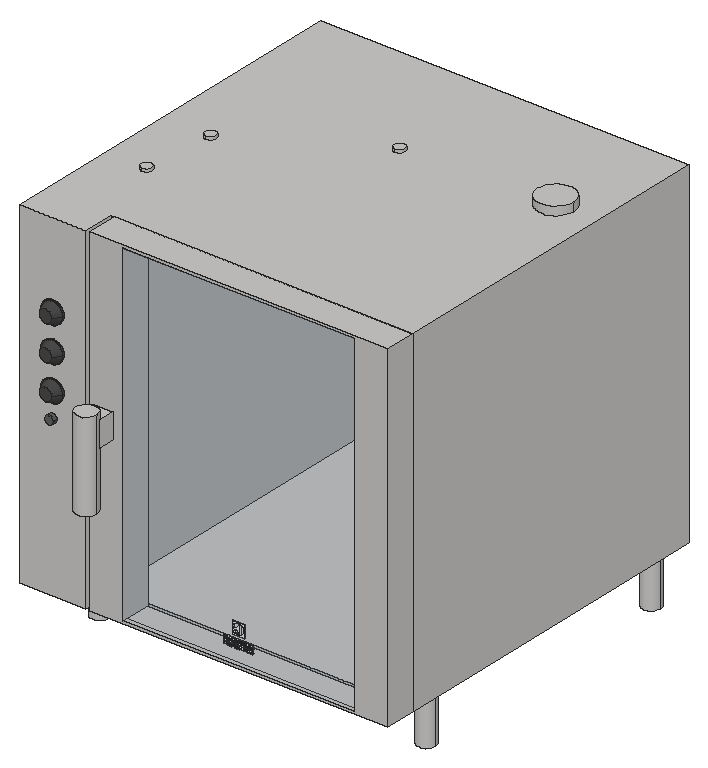
Revit family "QF_ELECTROLUXPROFESSIONAL_260693_EFCE11CSDS", category Attrezzature speciali, Revit 2018
Family settings
  Quota connettore circolare = Usa diametro
  Tipo di parte = Normale
  Basato su piano di lavoro = No
  Sempre verticale = Sì
  Taglio con vuoti quando caricato = No
  Condiviso = No
  Punto di calcolo locali = No
Parameters (values of type "Standard")
  Weight = 121.20 kg
  Watts = 17300 W
  Volts = 380 V
  URL Manufacturer = "https://www.electroluxprofessional.com/"
  URL = "https://www.electroluxprofessional.com/"
  Steam Supply Size = 0 mm
  Steam Supply Minimum Pressure = 0.0 Pa
  Steam Supply Maximum Pressure = 0.0 Pa
  Steam Consumption per Hour = 0
  Show Logo [instance] = yes
  Show Clearance [instance] = yes
  Refrigeration Suction Line Size = 0 mm
  Refrigeration Liquid Line Size = 0 mm
  Refrigerant Compressor Remote = yes
  Produttore = "Electrolux Professional"
  Phase = 3
  Modello = "EFCE11CSDS"
  Length Actual = 890 mm  # constant formula
  Item Number = "260693"
  Hot Water Size = 0 mm
  Height Actual = 970 mm  # constant formula
  HP = "23.2 HP"
  Gas Size = 0 mm
  Gas KW = 0
  Gas Input Pressure = 0 W
  Direct Waste Size = 25 mm
  Descrizione = "CONVECTION OVEN CW 10 GN 1/1 - ELECTRIC"
  Depth Actual = 900 mm  # constant formula
  Cycle = 50 Hz
  Condensate Return Size = 0 mm
  Compressed Air Volume = 0.0 L/s
  Compressed Air Size = 0 mm
  Compressed Air Pressure = 0.0 Pa
  Cold Water Size = 19.05 mm
  Accessory = yes
Types (2, lengths in mm): name | URL | Produttore | Phase | Modello | Direct Waste Size | Descrizione | Cold Water Size
  (no name) | 0 | 0 | 0 | 0 | 0 | 0 | 0
  Standard | "https://www.electroluxprofessional.com/" | "Electrolux Professional" | 3 | "EFCE11CSDS" | 25 | "CONVECTION OVEN CW 10 GN 1/1 - ELECTRIC" | 19.05
Values of the unnamed type that differ from the named types
  Weight = 0.00 kg
  Watts = 0 W
  Volts = 0 V
  URL Manufacturer = ""
  Item Number = ""
  HP = ""
  Cycle = 0 Hz
Reference planes
  plane 1 "Center X": y = 24.851
  plane 2: z = 0
  plane 3 "Center Y": x = -315
  plane 4 "LEFT": x = -760
  plane 5 "BACK": y = 479.851
  plane 6 "RIGHT": x = 130
  plane 7 "FRONT": y = -430.149
  plane 8: x = -710
  plane 9: y = 421.851
  plane 10: y = -355.149
  plane 11: x = 80
  plane 12: y = -1111.149
  plane 13: z = 130
  plane 14 "Center Z": z = 950
  plane 15: z = 0
Forms (mm)
  Extrusion 1, solid, material "QF_Finishes_Stainless Steel"
    sketch origin (0, 0, 950) x (-1, 0, 0) y (0, -1, 0)
      loop
        line (760, -479.851) -> (760, 430.149) -> (600, 430.149) -> (600, 355.149) -> (-130, 355.149) -> (-130, -479.851) -> (760, -479.851)
    from 0 to -820
  Extrusion 2, solid, material "QF_Finishes_Stainless Steel"
    sketch origin (0, -430.149, -670) x (-1, 0, 0) y (0, 0, 1)
      loop
        line (590, 1620) -> (-130, 1620) -> (-130, 800) -> (590, 800) -> (590, 1620)
      loop
        line (510, 1615) -> (-50, 1615) -> (-50, 805) -> (510, 805) -> (510, 1615)
    from 0 to 75
  Extrusion 3, solid, material "QF_Finishes_Glass"
    sketch origin (0, -430.149, -670) x (-1, 0, 0) y (0, 0, 1)
      loop
        line (-50, 1615) -> (-50, 805) -> (510, 805) -> (510, 1615) -> (-50, 1615)
    from 0 to 9.69
  Extrusion 4, solid, material "QF_Finishes_Stainless Steel"
    sketch origin (-1, -265, 955) x (0, -1, 0) y (-1, 0, 0)
      loop
        circle (-265.851, 643) r 13.25
    from 0 to 5
  Extrusion 5, solid, material "QF_Door-Drawer Clearances", visible <- "Show Clearance", detail levels coarse
    sketch origin (0, 0, 950) x (-1, 0, 0) y (0, -1, 0)
      loop
        arc (590, 430.149) -> (362.228, 910.45) -> (-130, 1111.149) r 734.22
        line (-130, 1111.149) -> (-130, 430.149) -> (590, 430.149)
    from -820 to 0
  Extrusion 6, solid, material "QF_Finishes_Black"
    sketch origin (24, -430.149, -766.676) x (-1, 0, 0) y (0, 0, 1)
      loop
        circle (704, 1512.5) r 26.676
    from 0 to -3
  Blend 7, solid, material "QF_Finishes_Black"
    base sketch origin (-21, -430.149, -766.676) x (1, 0, 0) y (0, 0, 1)
      loop
        circle (-659, 1512.5) r 25
    top sketch origin (-21, -430.149, -766.676) x (1, 0, 0) y (0, 0, 1)
      loop
        circle (-659, 1512.5) r 15
    from 3 to 21.442
  Extrusion 8, solid, material "QF_Finishes_Black"
    sketch origin (24, -430.149, -851.676) x (-1, 0, 0) y (0, 0, 1)
      loop
        circle (704, 1512.5) r 26.676
    from 0 to -3
  Blend 9, solid, material "QF_Finishes_Black"
    base sketch origin (-21, -430.149, -851.676) x (1, 0, 0) y (0, 0, 1)
      loop
        circle (-659, 1512.5) r 25
    top sketch origin (-21, -430.149, -851.676) x (1, 0, 0) y (0, 0, 1)
      loop
        circle (-659, 1512.5) r 15
    from 3 to 21.442
  Extrusion 10, solid, material "QF_Finishes_Black"
    sketch origin (24, -430.149, -936.676) x (-1, 0, 0) y (0, 0, 1)
      loop
        circle (704, 1512.5) r 26.676
    from 0 to -3
  Blend 11, solid, material "QF_Finishes_Black"
    base sketch origin (-21, -430.149, -936.676) x (1, 0, 0) y (0, 0, 1)
      loop
        circle (-659, 1512.5) r 25
    top sketch origin (-21, -430.149, -936.676) x (1, 0, 0) y (0, 0, 1)
      loop
        circle (-659, 1512.5) r 15
    from 3 to 21.442
  Extrusion 12, solid, material "QF_Finishes_Stainless Steel"
    sketch origin (-18, -437, 955) x (0, -1, 0) y (-1, 0, 0)
      loop
        circle (-265.851, 643) r 13.25
    from 0 to 5
  Extrusion 13, solid, material "QF_Finishes_Stainless Steel"
    sketch origin (309, -81, 955) x (0, -1, 0) y (-1, 0, 0)
      loop
        circle (-265.851, 643) r 13.25
    from 0 to 5
  Extrusion 14, solid, material "QF_Finishes_Stainless Steel"
    sketch origin (0, 0, 575) x (-1, 0, 0) y (0, -1, 0)
      loop
        circle (559.299, 480.149) r 25
    from -193.655 to 20
  Extrusion 15, solid, material "QF_Finishes_Stainless Steel"
    sketch origin (0, 0, 575) x (-1, 0, 0) y (0, -1, 0)
      loop
        line (534.299, 480.149) -> (534.299, 430.149) -> (584.299, 430.149) -> (584.299, 480.149)
        arc (584.299, 480.149) -> (559.299, 455.149) -> (534.299, 480.149) r 25
    from -55.026 to 5
  Extrusion 16, solid, material "QF_Finishes_Dark_Gray"
    sketch origin (25, -480.149, -725) x (-1, 0, 0) y (0, 0, 1)
      loop
        circle (705.941, 1240.523) r 10
    from 40 to 50
  Extrusion 17, solid, material "QF_Finishes_Stainless Steel"
    sketch origin (67.965, -53.34, 950) x (-1, 0, 0) y (0, -1, 0)
      loop
        circle (37.965, -256.191) r 43
    from 0 to 20
  Extrusion 18, void
    sketch origin (-600, -680.149, 1750) x (-1, 0, 0) y (0, 0, 1)
      loop
        line (0, -818.82) -> (-650, -818.82) -> (-650, -1610) -> (0, -1610) -> (0, -818.82)
    from 325 to 1102
Cuts and joins
  Extrusion 18 cuts Extrusion 1
Lines and regions (mm)
  Split face 1
    outline origin (-760, -430.149, 950) x (0, 0, -1) y (1, 0, 0)
      loop
        line (5, 15) -> (815, 15) -> (815, 145) -> (5, 145) -> (5, 15)
  Split face 2
    outline origin (-776.25, -430.149, 941.25) x (0, 0, -1) y (1, 0, 0)
      loop
        line (447.5, 78.5) -> (463.75, 78.5) -> (463.75, 113.5) -> (447.5, 113.5) -> (447.5, 78.5)
  Split face 3
    outline origin (30, -430.149, 135) x (1, 0, 0) y (0, 0, 1)
      loop
        line (-526.223, 92.039) -> (-375, 92.039) -> (-346.716, 120.323) -> (-260, 120.323) -> (-173.284, 120.323) -> (-145, 92.039) -> (6.223, 92.039) -> (6.223, 732.039) -> (-526.223, 732.039) -> (-526.223, 92.039)
  Split face 4
    outline origin (-760, -430.149, 950) x (0, 0, -1) y (1, 0, 0)
      loop
        line (770, 15) -> (770, 145)
  Split face 5
    outline origin (-640, -430.149, 950) x (-1, 0, 0) y (0, 0, -1)
      loop
        line (105, 50) -> (-25, 50)
  symbolic lines
    curve 1: line (-760, -430.149, 1620) -> (-760, 479.851, 1620)
    curve 2: line (-760, 479.851, 1620) -> (130, 479.851, 1620)
    curve 3: line (-600, -355.149, 1620) -> (130, -355.149, 1620)
    curve 4: line (-600, -355.149, 1620) -> (-600, -430.149, 1620)
    curve 5: line (-760, -430.149, 1620) -> (130, -430.149, 1620)
    curve 6: line (-706.676, -433.149, 1620) -> (-653.324, -433.149, 1620)
    curve 7: line (-695, -451.591, 1620) -> (-665, -451.591, 1620)
    curve 8: line (-706.676, -433.149, 1620) -> (-706.676, -430.149, 1620)
    curve 9: line (-653.324, -433.149, 1620) -> (-653.324, -430.149, 1620)
    curve 10: line (-695, -451.591, 1620) -> (-705, -433.149, 1620)
    curve 11: line (-665, -451.591, 1620) -> (-655.006, -433.149, 1620)
    curve 12: line (130, 479.851, 1620) -> (130, -430.149, 1620)
    curve 15: arc (-534.299, -480.149, 1620) -> (-559.299, -455.149, 1620) -> (-584.299, -480.149, 1620) r 25
    curve 16: arc (-584.299, -480.149, 1620) -> (-559.299, -505.149, 1620) -> (-534.299, -480.149, 1620) r 25
    curve 17: line (-534.299, -480.149, 1620) -> (-534.299, -430.149, 1620)
    curve 18: line (-584.299, -430.149, 1620) -> (-584.299, -480.149, 1620)
    curve 19: arc (73, 202.851, 1620) -> (30, 245.851, 1620) -> (-13, 202.851, 1620) r 43
    curve 20: arc (-13, 202.851, 1620) -> (30, 159.851, 1620) -> (73, 202.851, 1620) r 43
  symbolic lines, style "QF_Door-Drawer Clearances"
    curve 13: line (130, -1111.149, 1620) -> (130, -430.149, 1620)
    curve 14: arc (-590, -430.149, 1620) -> (-362.228, -910.45, 1620) -> (130, -1111.149, 1620) r 734.22
Dimensions and locks
  equal spacing: plane 4 "LEFT", plane 3 "Center Y", plane 6 "RIGHT"
  plane 4 "LEFT" to plane 6 "RIGHT" = 890 mm
  plane 5 "BACK" to plane 7 "FRONT" = 910 mm
  equal spacing: plane 5 "BACK", plane 1 "Center X", plane 7 "FRONT"
  plane 5 "BACK" to plane 12 = 1591 mm
  plane 13 to plane 15 = 130 mm
  plane 14 "Center Z" to plane 13 = 820 mm
  plane 14 "Center Z" to plane 15 = 950 mm
  aligned and locked: level to plane 2
  aligned and locked: plane 13 to nested 1
  aligned and locked: plane 13 to nested 2
  aligned and locked: plane 13 to nested 4
  aligned and locked: plane 13 to nested 3
  aligned and locked: Extrusion 1 to plane 13
  aligned and locked: Blend 7 to Extrusion 6
  aligned and locked: Blend 9 to Extrusion 8
  aligned and locked: Blend 11 to Extrusion 10
Automatic sketch dimensions
  curve 15 to curve 16 = 0 mm  (x2)
  curve 19 to curve 20 = 0 mm  (x2)
  curve 14 to plane 6 "RIGHT" = 0 mm
  curve 17 to plane 7 "FRONT" = 0 mm
  curve 4 to plane 10 = 0 mm
  curve 1 to plane 4 "LEFT" = 0 mm
  curve 1 to plane 5 "BACK" = 0 mm
  curve 13 to plane 12 = 0 mm
  plane 6 "RIGHT" to curve 14 = 12.296 mm
  curve 20 to plane 11 = 50 mm
  curve 17 to plane 7 "FRONT" = 50 mm
  plane 8 to curve 17 = 175.701 mm
  curve 15 to curve 16 = 25 mm
  curve 18 to curve 4 = 15.701 mm
  curve 9 to plane 7 "FRONT" = 3 mm
  curve 4 to curve 9 = 53.324 mm
  curve 6 to curve 7 = 11.676 mm
  plane 8 to curve 7 = 15 mm
  plane 8 to curve 8 = 3.324 mm
  curve 20 to plane 1 "Center X" = 178 mm
  curve 14 to plane 10 = 21.883 mm
  curve 10 to curve 10 = 18.442 mm
  curve 19 to plane 11 = 7 mm
  curve 6 to curve 11 = 1.682 mm
  curve 10 to curve 6 = 1.676 mm
  Extrusion 1 sketch curve to plane 5 "BACK" = 0 mm
  Extrusion 1 sketch curve to plane 6 "RIGHT" = 0 mm
  Extrusion 1 sketch curve to plane 10 = 0 mm
  Extrusion 1 sketch curve to plane 7 "FRONT" = 0 mm
  Extrusion 1 sketch curve to plane 4 "LEFT" = 0 mm
  plane 8 to Extrusion 1 sketch curve = 110 mm
  Extrusion 2 sketch curve to plane 6 "RIGHT" = 0 mm
  Extrusion 2 sketch curve to plane 13 = 0 mm
  Extrusion 2 sketch curve to plane 14 "Center Z" = 0 mm
  plane 13 to Extrusion 2 sketch curve = 5 mm
  Extrusion 2 sketch curve to plane 11 = 30 mm
  Extrusion 2 sketch curve to plane 14 "Center Z" = 5 mm
  Extrusion 2 sketch curve to plane 3 "Center Y" = 195 mm
  Extrusion 2 sketch curve to Extrusion 2 sketch curve = 80 mm
  plane 13 to Extrusion 3 sketch curve = 5 mm
  Extrusion 3 sketch curve to plane 11 = 30 mm
  Extrusion 3 sketch curve to plane 3 "Center Y" = 195 mm  (x2)
  Extrusion 3 sketch curve to plane 14 "Center Z" = 5 mm
  plane 1 "Center X" to Extrusion 4 sketch curve = 24 mm
  plane 8 to Extrusion 4 sketch curve = 66 mm
  Extrusion 5 sketch curve to plane 6 "RIGHT" = 0 mm
  Extrusion 5 sketch curve to plane 7 "FRONT" = 0 mm
  Extrusion 5 sketch curve to plane 12 = 0 mm
  plane 6 "RIGHT" to Extrusion 5 sketch curve = 12.296 mm
  plane 8 to Extrusion 5 sketch curve = 120 mm
  Split face 1 sketch curve to Extrusion 1 = 5 mm  (x2)
  Split face 1 sketch curve to Extrusion 1 = 15 mm  (x2)
  plane 8 to Extrusion 6 sketch curve = 30 mm
  Extrusion 2 to Blend 7 sketch curve = 90 mm  (x2)
  Extrusion 2 to Blend 7 sketch curve = 199.176 mm  (x2)
  plane 8 to Extrusion 8 sketch curve = 30 mm
  Extrusion 2 to Blend 9 sketch curve = 90 mm  (x2)
  Extrusion 2 to Blend 9 sketch curve = 284.176 mm  (x2)
  plane 8 to Extrusion 10 sketch curve = 30 mm
  Extrusion 2 to Blend 11 sketch curve = 90 mm  (x2)
  Extrusion 2 to Blend 11 sketch curve = 369.176 mm  (x2)
  Split face 2 sketch curve to Extrusion 1 = 62.75 mm
  Split face 2 sketch curve to Extrusion 1 = 363.75 mm
  Split face 2 sketch curve to Split face 2 sketch curve = 16.25 mm
  Split face 2 sketch curve to Split face 2 sketch curve = 35 mm
  plane 8 to Extrusion 12 sketch curve = 49 mm
  plane 10 to Extrusion 12 sketch curve = 184 mm
  Extrusion 13 sketch curve to plane 3 "Center Y" = 19 mm
  Extrusion 13 sketch curve to plane 1 "Center X" = 160 mm
  Extrusion 14 sketch curve to plane 7 "FRONT" = 50 mm
  plane 8 to Extrusion 14 sketch curve = 150.701 mm
  Extrusion 15 sketch curve to plane 7 "FRONT" = 0 mm
  plane 8 to Extrusion 15 sketch curve = 175.701 mm
  Extrusion 15 sketch curve to Extrusion 15 sketch curve = 25 mm
  Extrusion 15 sketch curve to plane 7 "FRONT" = 50 mm
  Split face 3 sketch curve to Extrusion 3 = 13.777 mm  (x2)
  Split face 3 sketch curve to Split face 3 sketch curve = 151.223 mm
  Split face 3 sketch curve to Split face 3 sketch curve = 28.284 mm  (x3)
  Split face 3 sketch curve to Split face 3 sketch curve = 86.716 mm  (x2)
  Split face 3 sketch curve to Extrusion 3 = 92.039 mm  (x2)
  Split face 3 sketch curve to Extrusion 3 = 77.961 mm
  Split face 4 sketch curve to Extrusion 1 = 15 mm  (x2)
  Split face 4 sketch curve to Extrusion 1 = 50 mm
  plane 8 to Extrusion 16 sketch curve = 29.059 mm
  Extrusion 17 sketch curve to plane 11 = 50 mm
  Extrusion 17 sketch curve to plane 1 "Center X" = 178 mm
  Split face 5 sketch curve to Extrusion 1 = 15 mm  (x2)
  Split face 5 sketch curve to Extrusion 1 = 50 mm
  Extrusion 6 sketch curve to plane 14 "Center Z" = 204.176 mm
  Extrusion 8 sketch curve to plane 14 "Center Z" = 289.176 mm
  Extrusion 10 sketch curve to plane 14 "Center Z" = 374.176 mm
  plane 13 to Extrusion 16 sketch curve = 385.523 mm
  Extrusion 18 sketch curve to plane 11 = 30 mm
  plane 13 to Extrusion 18 sketch curve = 10 mm
  plane 8 to Extrusion 18 sketch curve = 110 mm
  Extrusion 18 sketch curve to plane 14 "Center Z" = 18.82 mm
  radius of Extrusion 4 sketch curve = 13.25 mm
  radius of Extrusion 6 sketch curve = 26.676 mm
  radius of Blend 7 sketch curve = 25 mm
  radius of Blend 7 sketch curve = 15 mm
  radius of Extrusion 8 sketch curve = 26.676 mm
  radius of Blend 9 sketch curve = 25 mm
  radius of Blend 9 sketch curve = 15 mm
  radius of Extrusion 10 sketch curve = 26.676 mm
  radius of Blend 11 sketch curve = 25 mm
  radius of Blend 11 sketch curve = 15 mm
  radius of Extrusion 12 sketch curve = 13.25 mm
  radius of Extrusion 13 sketch curve = 13.25 mm
  radius of Extrusion 14 sketch curve = 25 mm
  radius of Extrusion 16 sketch curve = 10 mm
  radius of Extrusion 17 sketch curve = 43 mm
Nested families
  nested 1: "Foot" at (-710, -250.149, 0), type "Foot"
    with Ø 22 mm, H 130 mm
  nested 2: "Foot" at (80, -250.149, 0), type "Foot"
    with Ø 22 mm, H 130 mm
  nested 3: "Foot" at (80, 429.851, 0), type "Foot"
    with Ø 22 mm, H 130 mm
  nested 4: "Foot" at (-710, 429.851, 0), type "Foot"
    with Ø 22 mm, H 130 mm
  nested 5: "ELX_Pro_Logo" at (-230, -430.149, 198.512) x (1, 0, 0) z (0, -1, 0), type "ELX_Pro_Logo"
Connectors
  piping at (-334, 184.851, 955), diameter 26.4
    settings: on Extrusion 13, index 6, connector inside diameter 609.6 mm, connector length 0 mm, flow factor 0, pipe flow 0.0 L/s, pressure drop 0.0 Pa, fitting loss kfactor 0, connector angle 0.00°, fixture units 0, engagement length 0 mm, angle of deflection 0.00°, flow configuration 0, flow direction 0, fitting loss method 0, system type 16, joint type 0, gender type 0, connector reference index -1, connector utility 0, adjustable connector no, is connector primary yes, connector description ""
  electrical at (-661, -171.149, 955)
    settings: on Extrusion 12, index 7, voltage 0 V, apparent load 0 VA, apparent load phase1 0 VA, apparent load phase2 0 VA, apparent load phase3 0 VA, power factor 1, load classification "Altro", number of poles 1, system type 30, power factor state 1, is connector primary yes, connector utility no, sub classification motor no, connector description ""
  piping at (-644, 0.851, 955), diameter 19.05, driven by "Cold Water Size"
    settings: on Extrusion 4, index 8, connector inside diameter 609.6 mm, connector length 0 mm, flow factor 0, pipe flow 0.0 L/s, pressure drop 0.0 Pa, fitting loss kfactor 0, connector angle 0.00°, fixture units 0, engagement length 0 mm, angle of deflection 0.00°, flow configuration 0, flow direction 0, fitting loss method 0, system type 20, joint type 0, gender type 0, connector reference index -1, connector utility 0, adjustable connector no, is connector primary no, connector description "Cold Water Inlet"
Definition of nested family "Foot"
  Parameters
    Ø [instance] = 20 mm
    H [instance] = 50 mm
  Reference planes
    plane 1 "Centro (Fronte/Retro)": y = 0
    plane 2: z = 0
    plane 3 "Centro (Sinistra/Destra)": x = 0
    plane 4: z = 50
  Forms (mm)
    Revolve 1, solid
      sketch origin (255.05, 0, 608.09) x (0, 0, 1) y (-1, 0, 0)
        loop
          line (-608.09, 255.05) -> (-608.09, 235.05) -> (-558.09, 235.05) -> (-558.09, 255.05) -> (-608.09, 255.05)
        axis (-608.09, 255.05) -> (-558.09, 255.05)
      angle from 0 to 360
  Dimensions and locks
    "H": plane 4 to plane 2
    "Ø": Revolve 1 sketch curve to Revolve 1 sketch curve
    aligned and locked: level to plane 2
    aligned and locked: plane 4 to Revolve 1 sketch curve
    aligned and locked: Revolve 1 sketch curve to level
    aligned and locked: plane 3 "Centro (Sinistra/Destra)" to Revolve 1 sketch curve
  Automatic sketch dimensions
    Revolve 1 sketch curve to plane 3 "Centro (Sinistra/Destra)" = 0 mm
    Revolve 1 sketch curve to Revolve 1 sketch curve = 50 mm
    Revolve 1 sketch curve to Revolve 1 sketch curve = 20 mm
Definition of nested family "ELX_Pro_Logo"
  Parameters (values of type "ELX_Pro_Logo")
    M = none
    Default Elevation = 0 mm
  Reference planes
    plane 1 "Centro (Fronte/Retro)": y = 0
    plane 2: z = 0
    plane 3 "Centro (Sinistra/Destra)": x = 0
  Forms (mm)
    Extrusion 1, solid
      sketch origin (0, 0, 0) x (1, 0, 0) y (0, 1, 0)
        loop
          line (-1219.2, 1219.2) -> (-1219.2, -1219.2) -> (1219.2, -1219.2) -> (1219.2, 1219.2) -> (-1219.2, 1219.2)
      from 0 to -304.8
    Extrusion 2, solid, material <- "M"
      sketch origin (-144.622, -1081.55, 0) x (-1, 0, 0) y (0, -1, 0)
        loop
          line (-111.329, -1069.559) -> (-111.329, -1071.073) -> (-116.048, -1071.073) -> (-116.048, -1072.896) -> (-111.328, -1072.896) -> (-111.328, -1075.549) -> (-116.349, -1075.549) -> (-116.349, -1077.368) -> (-109.396, -1077.368) -> (-109.396, -1073.46) -> (-109.396, -1069.659)
          arc (-109.396, -1069.659) -> (-110.425, -1067.175) -> (-112.909, -1066.146) r 3.513
          line (-112.909, -1066.146) -> (-116.483, -1066.146) -> (-116.483, -1067.963) -> (-112.925, -1067.963)
          arc (-112.925, -1067.963) -> (-111.797, -1068.431) -> (-111.329, -1069.559) r 1.596
        loop
          line (-119.79, -1077.358) -> (-117.856, -1077.358) -> (-117.856, -1072.053) -> (-117.856, -1066.132) -> (-119.79, -1066.132) -> (-119.79, -1072.092) -> (-119.79, -1077.358)
        loop
          line (-122.986, -1069.718) -> (-129.327, -1069.718)
          arc (-129.327, -1069.718) -> (-129.219, -1071.449) -> (-128.497, -1073.026) r 4.757
          arc (-128.497, -1073.026) -> (-125.237, -1074.5) -> (-121.978, -1073.026) r 4.34
          arc (-121.978, -1073.026) -> (-121.072, -1070.207) -> (-121.978, -1067.388) r 4.838
          arc (-121.978, -1067.388) -> (-125.393, -1065.933) -> (-128.809, -1067.388) r 4.737
          line (-128.809, -1067.388) -> (-127.645, -1068.52)
          arc (-127.645, -1068.52) -> (-125.509, -1067.576) -> (-123.374, -1068.52) r 2.888
          arc (-123.374, -1068.52) -> (-123.05, -1069.077) -> (-122.986, -1069.718) r 1.527
        loop
          arc (-127.386, -1071.076) -> (-126.67, -1072.331) -> (-125.331, -1072.872) r 2.201
          arc (-125.331, -1072.872) -> (-123.848, -1072.402) -> (-123.033, -1071.076) r 2.23
          line (-123.033, -1071.076) -> (-127.386, -1071.076)
        loop
          line (-136.862, -1071.886) -> (-138.059, -1073.132)
          arc (-138.059, -1073.132) -> (-130.327, -1070.219) -> (-138.059, -1067.306) r 4.415
          line (-138.059, -1067.306) -> (-136.862, -1068.553)
          arc (-136.862, -1068.553) -> (-132.252, -1070.22) -> (-136.862, -1071.886) r 2.606
        loop
          line (-141.192, -1069.673) -> (-141.192, -1072.494) -> (-142.951, -1072.494) -> (-142.951, -1074.25) -> (-141.195, -1074.25) -> (-141.195, -1077.358) -> (-139.262, -1077.358) -> (-139.262, -1073.332) -> (-139.262, -1069.514)
          arc (-139.262, -1069.514) -> (-140.299, -1066.92) -> (-142.98, -1066.132) r 3.196
          line (-142.98, -1066.132) -> (-142.987, -1067.949)
          arc (-142.987, -1067.949) -> (-141.652, -1068.356) -> (-141.192, -1069.673) r 1.542
        loop
          line (-146.494, -1073.042) -> (-146.494, -1074.25) -> (-144.576, -1074.25) -> (-144.576, -1070.271) -> (-144.576, -1066.132) -> (-146.494, -1066.132) -> (-146.494, -1070.401)
          arc (-146.494, -1070.401) -> (-147.446, -1072.228) -> (-149.489, -1072.494) r 2.229
          line (-149.489, -1072.494) -> (-149.489, -1074.362)
          arc (-149.489, -1074.362) -> (-147.761, -1074.226) -> (-146.494, -1073.042) r 2.627
        loop
          line (-159.833, -1072.246) -> (-159.833, -1066.131) -> (-161.767, -1066.131) -> (-161.767, -1072.17) -> (-161.767, -1077.359) -> (-159.833, -1077.359) -> (-159.833, -1072.246)
        loop
          line (-165.194, -1069.514) -> (-165.194, -1074.25) -> (-163.245, -1074.25) -> (-163.245, -1071.898) -> (-163.245, -1069.098)
          arc (-163.245, -1069.098) -> (-166.96, -1065.769) -> (-170.687, -1069.085) r 3.745
          line (-170.687, -1069.085) -> (-170.687, -1071.898) -> (-170.687, -1074.25) -> (-168.739, -1074.25) -> (-168.739, -1069.514)
          arc (-168.739, -1069.514) -> (-166.967, -1067.742) -> (-165.194, -1069.514) r 1.772
        loop
          line (-174.654, -1070.416) -> (-172.975, -1068.078) -> (-171.578, -1066.131) -> (-173.656, -1066.131) -> (-175.717, -1068.999) -> (-177.779, -1066.131) -> (-179.857, -1066.131) -> (-178, -1068.728) -> (-176.781, -1070.433) -> (-178.29, -1072.488) -> (-179.583, -1074.25) -> (-177.473, -1074.25) -> (-175.717, -1071.818) -> (-173.945, -1074.25) -> (-171.852, -1074.25) -> (-173.052, -1072.608) -> (-174.654, -1070.416)
        loop
          circle (-154.223, -1070.188) r 2.508
        loop
          circle (-154.223, -1070.188) r 4.42
        loop
          line (-110.224, -1058.542) -> (-111.194, -1058.542)
          arc (-111.194, -1058.542) -> (-112.217, -1059.95) -> (-110.924, -1061.114) r 1.3
          line (-110.924, -1061.114) -> (-109.424, -1061.114) -> (-109.424, -1057.223) -> (-110.224, -1057.223) -> (-110.224, -1058.542)
        loop
          line (-110.224, -1060.379) -> (-110.224, -1059.293) -> (-111.03, -1059.293)
          arc (-111.03, -1059.293) -> (-111.43, -1059.836) -> (-111.03, -1060.379) r 0.569
          line (-111.03, -1060.379) -> (-110.224, -1060.379)
        loop
          line (-116.302, -1058.564) -> (-117.128, -1058.564) -> (-117.934, -1057.223) -> (-118.841, -1057.223) -> (-117.833, -1058.884)
          arc (-117.833, -1058.884) -> (-118.214, -1060.282) -> (-117.028, -1061.114) r 1.26
          line (-117.028, -1061.114) -> (-115.503, -1061.114) -> (-115.503, -1057.223) -> (-116.302, -1057.223) -> (-116.302, -1058.564)
        loop
          line (-116.302, -1060.379) -> (-116.302, -1059.293) -> (-117.109, -1059.293)
          arc (-117.109, -1059.293) -> (-117.508, -1059.836) -> (-117.109, -1060.379) r 0.569
          line (-117.109, -1060.379) -> (-116.302, -1060.379)
        loop
          line (-128.923, -1057.223) -> (-129.723, -1057.223) -> (-129.723, -1058.714) -> (-131.187, -1058.714) -> (-131.187, -1059.514) -> (-129.723, -1059.514) -> (-129.723, -1060.314) -> (-131.327, -1060.314) -> (-131.327, -1061.114) -> (-128.923, -1061.114) -> (-128.923, -1057.223)
        loop
          arc (-134.628, -1058.469) -> (-134.992, -1057.588) -> (-135.874, -1057.223) r 1.246
          line (-135.874, -1057.223) -> (-137.13, -1057.223) -> (-137.13, -1058.023) -> (-135.969, -1058.023)
          arc (-135.969, -1058.023) -> (-135.53, -1058.237) -> (-135.427, -1058.714) r 0.558
          line (-135.427, -1058.714) -> (-136.984, -1058.714) -> (-136.984, -1059.514) -> (-135.427, -1059.514) -> (-135.427, -1060.314) -> (-137.092, -1060.314) -> (-137.092, -1061.114) -> (-134.628, -1061.114) -> (-134.628, -1058.469)
        loop
          line (-152.3, -1057.223) -> (-153.1, -1057.223) -> (-153.1, -1061.114) -> (-152.3, -1061.114) -> (-152.3, -1057.223)
        loop
          line (-164.67, -1057.223) -> (-164.67, -1059.67) -> (-166.45, -1057.223) -> (-167.25, -1057.223) -> (-167.25, -1061.114) -> (-166.42, -1061.114) -> (-166.42, -1058.594) -> (-164.64, -1061.114) -> (-163.84, -1061.114) -> (-163.84, -1057.223) -> (-164.67, -1057.223)
        loop
          line (-170.403, -1057.223) -> (-171.262, -1057.223) -> (-171.641, -1058.063) -> (-173.08, -1058.063) -> (-173.459, -1057.223) -> (-174.317, -1057.223) -> (-172.796, -1061.113) -> (-171.996, -1061.113) -> (-170.403, -1057.223)
        loop
          line (-177.493, -1057.223) -> (-179.789, -1057.223) -> (-179.789, -1058.023) -> (-178.293, -1058.023) -> (-178.293, -1061.114) -> (-177.493, -1061.114) -> (-177.493, -1057.223)
        loop
          line (-172.362, -1059.848) -> (-171.945, -1058.83) -> (-172.76, -1058.83) -> (-172.362, -1059.848)
        loop
          circle (-158.484, -1059.145) r 1.288
        loop
          circle (-158.484, -1059.145) r 2.065
        loop
          arc (-146.04, -1058.095) -> (-146.933, -1057.275) -> (-148.145, -1057.245) r 1.725
          arc (-148.145, -1057.245) -> (-148.965, -1058.02) -> (-148.68, -1059.111) r 1.107
          arc (-148.68, -1059.111) -> (-148.103, -1059.465) -> (-147.486, -1059.746) r 5.523
          arc (-147.486, -1059.746) -> (-147.147, -1060.262) -> (-147.708, -1060.52) r 0.407
          arc (-147.708, -1060.52) -> (-148.045, -1060.315) -> (-148.325, -1060.038) r 1.702
          line (-148.325, -1060.038) -> (-149.011, -1060.45)
          arc (-149.011, -1060.45) -> (-148.578, -1060.911) -> (-148.043, -1061.247) r 2.463
          arc (-148.043, -1061.247) -> (-146.373, -1060.466) -> (-147.42, -1058.949) r 1.207
          spline (-147.42, -1058.949) -> (-147.716, -1058.809) -> (-147.932, -1058.678) -> (-148.077, -1058.557) -> (-148.163, -1058.446) -> (-148.198, -1058.347) -> (-148.192, -1058.258) -> (-148.157, -1058.182) -> (-148.102, -1058.118) -> (-148.037, -1058.068) -> (-147.972, -1058.031) -> (-147.917, -1058.008) -> (-147.883, -1058)
          arc (-147.883, -1058) -> (-147.238, -1058.014) -> (-146.759, -1058.446) r 0.925
          line (-146.759, -1058.446) -> (-146.04, -1058.095)
        loop
          arc (-140.18, -1058.095) -> (-141.073, -1057.275) -> (-142.285, -1057.245) r 1.725
          arc (-142.285, -1057.245) -> (-143.106, -1058.02) -> (-142.821, -1059.111) r 1.107
          arc (-142.821, -1059.111) -> (-142.243, -1059.465) -> (-141.627, -1059.746) r 5.523
          arc (-141.627, -1059.746) -> (-141.287, -1060.262) -> (-141.849, -1060.52) r 0.407
          arc (-141.849, -1060.52) -> (-142.185, -1060.315) -> (-142.466, -1060.038) r 1.702
          line (-142.466, -1060.038) -> (-143.151, -1060.45)
          arc (-143.151, -1060.45) -> (-142.719, -1060.911) -> (-142.183, -1061.247) r 2.463
          arc (-142.183, -1061.247) -> (-140.513, -1060.466) -> (-141.56, -1058.949) r 1.207
          spline (-141.56, -1058.949) -> (-141.856, -1058.809) -> (-142.072, -1058.678) -> (-142.218, -1058.557) -> (-142.303, -1058.446) -> (-142.338, -1058.347) -> (-142.333, -1058.258) -> (-142.298, -1058.182) -> (-142.242, -1058.118) -> (-142.177, -1058.068) -> (-142.112, -1058.031) -> (-142.057, -1058.008) -> (-142.023, -1058)
          arc (-142.023, -1058) -> (-141.378, -1058.014) -> (-140.9, -1058.446) r 0.925
          line (-140.9, -1058.446) -> (-140.18, -1058.095)
        loop
          circle (-123.484, -1059.145) r 1.288
        loop
          circle (-123.484, -1059.145) r 2.065
        loop
          line (-130.225, -1113.361) -> (-130.225, -1084.645) -> (-158.979, -1084.645) -> (-158.979, -1113.361) -> (-130.225, -1113.361)
        loop
          arc (-148.442, -1086.055) -> (-157.992, -1098.973) -> (-148.442, -1111.892) r 13.512
          line (-148.442, -1111.892) -> (-148.442, -1086.055)
        loop
          line (-147.127, -1086.055) -> (-147.127, -1087.926)
          arc (-147.127, -1087.926) -> (-143.116, -1095.125) -> (-135.48, -1098.224) r 12.412
          line (-135.48, -1098.224) -> (-131.205, -1098.224)
          arc (-131.205, -1098.224) -> (-136.382, -1088.497) -> (-147.127, -1086.055) r 13.242
        loop
          line (-147.127, -1110.021) -> (-147.127, -1112.224)
          arc (-147.127, -1112.224) -> (-136.374, -1109.53) -> (-131.205, -1099.722) r 13.588
          line (-131.205, -1099.722) -> (-135.48, -1099.722)
          arc (-135.48, -1099.722) -> (-143.116, -1102.822) -> (-147.127, -1110.021) r 12.412
      from 0 to 1.6
  Lines and regions (mm)
    symbolic lines
      curve 1: line (-14.357, 31.811, 0) -> (14.357, 31.811, 0)
      curve 2: line (-14.357, 3.095, 0) -> (-14.357, 31.811, 0)
      curve 3: line (14.357, 3.095, 0) -> (-14.357, 3.095, 0)
      curve 4: line (14.357, 31.811, 0) -> (14.357, 3.095, 0)
      curve 5: line (-8.32, 7.722, 0) -> (-9.387, 8.738, 0)
      curve 6: line (-9.387, 8.738, 0) -> (-10.331, 9.866, 0)
      curve 7: line (-10.331, 9.866, 0) -> (-11.141, 11.095, 0)
      curve 8: line (-11.141, 11.095, 0) -> (-11.805, 12.411, 0)
      curve 9: line (-11.805, 12.411, 0) -> (-12.31, 13.803, 0)
      curve 10: line (-12.31, 13.803, 0) -> (-12.646, 15.26, 0)
      curve 11: line (-12.646, 15.26, 0) -> (-12.8, 16.77, 0)
      curve 12: line (-12.8, 16.77, 0) -> (-10.081, 16.77, 0)
      curve 13: line (-10.081, 16.77, 0) -> (-8.466, 16.661, 0)
      curve 14: line (-8.466, 16.661, 0) -> (-6.88, 16.344, 0)
      curve 15: line (-6.88, 16.344, 0) -> (-5.345, 15.833, 0)
      curve 16: line (-5.345, 15.833, 0) -> (-3.882, 15.143, 0)
      curve 17: line (-3.882, 15.143, 0) -> (-2.511, 14.288, 0)
      curve 18: line (-2.511, 14.288, 0) -> (-1.255, 13.283, 0)
      curve 19: line (-1.255, 13.283, 0) -> (-0.135, 12.143, 0)
      curve 20: line (-0.135, 12.143, 0) -> (0.83, 10.882, 0)
      curve 21: line (0.83, 10.882, 0) -> (1.616, 9.515, 0)
      curve 22: arc (1.616, 9.515, 0) -> (2.419, 7.28, 0) -> (2.7, 4.923, 0) r 10.532
      curve 23: arc (2.7, 4.923, 0) -> (1.362, 4.715, 0) -> (0.011, 4.633, 0) r 14.39
      curve 24: line (0.011, 4.633, 0) -> (-1.56, 4.731, 0)
      curve 25: line (-1.56, 4.731, 0) -> (-3.062, 5.011, 0)
      curve 26: line (-3.062, 5.011, 0) -> (-4.502, 5.462, 0)
      curve 27: line (-4.502, 5.462, 0) -> (-5.866, 6.072, 0)
      curve 28: line (-5.866, 6.072, 0) -> (-7.142, 6.829, 0)
      curve 29: line (-7.142, 6.829, 0) -> (-8.32, 7.722, 0)
      curve 30: line (-10.802, 24.24, 0) -> (-9.872, 25.531, 0)
      curve 31: line (-9.872, 25.531, 0) -> (-8.796, 26.699, 0)
      curve 32: line (-8.796, 26.699, 0) -> (-7.587, 27.728, 0)
      curve 33: line (-7.587, 27.728, 0) -> (-6.258, 28.602, 0)
      curve 34: line (-6.258, 28.602, 0) -> (-4.823, 29.309, 0)
      curve 35: line (-4.823, 29.309, 0) -> (-3.293, 29.832, 0)
      curve 36: line (-3.293, 29.832, 0) -> (-1.683, 30.156, 0)
      curve 37: arc (-1.683, 30.156, 0) -> (0.517, 30.256, 0) -> (2.702, 29.984, 0) r 13.008
      curve 38: arc (2.702, 29.984, 0) -> (2.453, 27.616, 0) -> (1.617, 25.387, 0) r 9.395
      curve 39: line (1.617, 25.387, 0) -> (0.83, 24.018, 0)
      curve 40: line (0.83, 24.018, 0) -> (-0.134, 22.756, 0)
      curve 41: line (-0.134, 22.756, 0) -> (-1.255, 21.615, 0)
      curve 42: line (-1.255, 21.615, 0) -> (-2.512, 20.609, 0)
      curve 43: line (-2.512, 20.609, 0) -> (-3.882, 19.754, 0)
      curve 44: line (-3.882, 19.754, 0) -> (-5.346, 19.063, 0)
      curve 45: line (-5.346, 19.063, 0) -> (-6.881, 18.551, 0)
      curve 46: line (-6.881, 18.551, 0) -> (-8.467, 18.234, 0)
      curve 47: line (-8.467, 18.234, 0) -> (-10.083, 18.125, 0)
      curve 48: line (-10.083, 18.125, 0) -> (-12.798, 18.125, 0)
      curve 49: line (-12.798, 18.125, 0) -> (-12.584, 19.768, 0)
      curve 50: line (-12.584, 19.768, 0) -> (-12.171, 21.343, 0)
      curve 51: line (-12.171, 21.343, 0) -> (-11.572, 22.839, 0)
      curve 52: line (-11.572, 22.839, 0) -> (-10.802, 24.24, 0)
      curve 53: line (4.048, 5.294, 0) -> (4.048, 29.617, 0)
      curve 54: line (4.048, 29.617, 0) -> (5.525, 29.026, 0)
      curve 55: line (5.525, 29.026, 0) -> (6.905, 28.26, 0)
      curve 56: line (6.905, 28.26, 0) -> (8.174, 27.332, 0)
      curve 57: line (8.174, 27.332, 0) -> (9.318, 26.256, 0)
      curve 58: line (9.318, 26.256, 0) -> (10.323, 25.046, 0)
      curve 59: line (10.323, 25.046, 0) -> (11.177, 23.715, 0)
      curve 60: line (11.177, 23.715, 0) -> (11.865, 22.277, 0)
      curve 61: line (11.865, 22.277, 0) -> (12.375, 20.746, 0)
      curve 62: line (12.375, 20.746, 0) -> (12.693, 19.135, 0)
      curve 63: line (12.693, 19.135, 0) -> (12.804, 17.459, 0)
      curve 64: line (12.804, 17.459, 0) -> (12.702, 15.807, 0)
      curve 65: line (12.702, 15.807, 0) -> (12.396, 14.216, 0)
      curve 66: line (12.396, 14.216, 0) -> (11.897, 12.7, 0)
      curve 67: line (11.897, 12.7, 0) -> (11.218, 11.271, 0)
      curve 68: line (11.218, 11.271, 0) -> (10.372, 9.944, 0)
      curve 69: line (10.372, 9.944, 0) -> (9.37, 8.731, 0)
      curve 70: line (9.37, 8.731, 0) -> (8.224, 7.646, 0)
      curve 71: line (8.224, 7.646, 0) -> (6.947, 6.703, 0)
      curve 72: line (6.947, 6.703, 0) -> (5.551, 5.914, 0)
      curve 73: line (5.551, 5.914, 0) -> (4.048, 5.294, 0)
      curve 74: line (-35.227, -8.09, 0) -> (-35.227, -11.891, 0)
      curve 75: arc (-35.227, -11.891, 0) -> (-34.198, -14.375, 0) -> (-31.714, -15.404, 0) r 3.513
      curve 76: line (-31.714, -15.404, 0) -> (-28.139, -15.404, 0)
      curve 77: line (-28.139, -15.404, 0) -> (-28.139, -13.587, 0)
      curve 78: line (-28.139, -13.587, 0) -> (-31.697, -13.587, 0)
      curve 79: arc (-31.697, -13.587, 0) -> (-32.826, -13.119, 0) -> (-33.293, -11.991, 0) r 1.596
      curve 80: line (-33.293, -11.991, 0) -> (-33.293, -10.477, 0)
      curve 81: line (-33.293, -10.477, 0) -> (-28.574, -10.477, 0)
      curve 82: line (-28.574, -10.477, 0) -> (-28.574, -8.654, 0)
      curve 83: line (-28.574, -8.654, 0) -> (-33.294, -8.654, 0)
      curve 84: line (-33.294, -8.654, 0) -> (-33.294, -6.001, 0)
      curve 85: line (-33.294, -6.001, 0) -> (-28.273, -6.001, 0)
      curve 86: line (-28.273, -6.001, 0) -> (-28.273, -4.182, 0)
      curve 87: line (-28.273, -4.182, 0) -> (-35.227, -4.182, 0)
      curve 88: line (-35.227, -4.182, 0) -> (-35.227, -8.09, 0)
      curve 89: line (-24.833, -9.458, 0) -> (-24.833, -4.192, 0)
      curve 90: line (-24.833, -4.192, 0) -> (-26.766, -4.192, 0)
      curve 91: line (-26.766, -4.192, 0) -> (-26.766, -9.497, 0)
      curve 92: line (-26.766, -9.497, 0) -> (-26.766, -15.418, 0)
      curve 93: line (-26.766, -15.418, 0) -> (-24.833, -15.418, 0)
      curve 94: line (-24.833, -15.418, 0) -> (-24.833, -9.458, 0)
      curve 95: arc (-16.125, -8.524, 0) -> (-19.385, -7.05, 0) -> (-22.645, -8.524, 0) r 4.34
      curve 96: arc (-22.645, -8.524, 0) -> (-23.551, -11.343, 0) -> (-22.645, -14.162, 0) r 4.838
      curve 97: arc (-22.645, -14.162, 0) -> (-19.229, -15.617, 0) -> (-15.813, -14.162, 0) r 4.737
      curve 98: line (-15.813, -14.162, 0) -> (-16.978, -13.03, 0)
      curve 99: arc (-16.978, -13.03, 0) -> (-19.113, -13.974, 0) -> (-21.249, -13.03, 0) r 2.888
      curve 100: arc (-21.249, -13.03, 0) -> (-21.572, -12.473, 0) -> (-21.637, -11.832, 0) r 1.527
      curve 101: line (-21.637, -11.832, 0) -> (-15.295, -11.832, 0)
      curve 102: arc (-15.295, -11.832, 0) -> (-15.404, -10.101, 0) -> (-16.125, -8.524, 0) r 4.757
      curve 103: line (-17.236, -10.474, 0) -> (-21.589, -10.474, 0)
      curve 104: arc (-21.589, -10.474, 0) -> (-20.774, -9.148, 0) -> (-19.291, -8.678, 0) r 2.23
      curve 105: arc (-19.291, -8.678, 0) -> (-17.952, -9.219, 0) -> (-17.236, -10.474, 0) r 2.201
      curve 106: arc (-6.563, -8.418, 0) -> (-14.295, -11.331, 0) -> (-6.563, -14.244, 0) r 4.415
      curve 107: line (-6.563, -14.244, 0) -> (-7.761, -12.997, 0)
      curve 108: arc (-7.761, -12.997, 0) -> (-12.371, -11.33, 0) -> (-7.761, -9.664, 0) r 2.606
      curve 109: line (-7.761, -9.664, 0) -> (-6.563, -8.418, 0)
      curve 110: line (-5.361, -4.192, 0) -> (-5.361, -8.218, 0)
      curve 111: line (-5.361, -8.218, 0) -> (-5.361, -12.036, 0)
      curve 112: arc (-5.361, -12.036, 0) -> (-4.323, -14.63, 0) -> (-1.642, -15.418, 0) r 3.196
      curve 113: line (-1.642, -15.418, 0) -> (-1.636, -13.601, 0)
      curve 114: arc (-1.636, -13.601, 0) -> (-2.97, -13.194, 0) -> (-3.43, -11.877, 0) r 1.542
      curve 115: line (-3.43, -11.877, 0) -> (-3.43, -9.056, 0)
      curve 116: line (-3.43, -9.056, 0) -> (-1.672, -9.056, 0)
      curve 117: line (-1.672, -9.056, 0) -> (-1.672, -7.299, 0)
      curve 118: line (-1.672, -7.299, 0) -> (-3.427, -7.299, 0)
      curve 119: line (-3.427, -7.299, 0) -> (-3.427, -4.192, 0)
      curve 120: line (-3.427, -4.192, 0) -> (-5.361, -4.192, 0)
      curve 121: line (1.872, -7.3, 0) -> (-0.046, -7.3, 0)
      curve 122: line (-0.046, -7.3, 0) -> (-0.046, -11.279, 0)
      curve 123: line (-0.046, -11.279, 0) -> (-0.046, -15.418, 0)
      curve 124: line (-0.046, -15.418, 0) -> (1.872, -15.418, 0)
      curve 125: line (1.872, -15.418, 0) -> (1.872, -11.149, 0)
      curve 126: arc (1.872, -11.149, 0) -> (2.824, -9.322, 0) -> (4.867, -9.056, 0) r 2.229
      curve 127: line (4.867, -9.056, 0) -> (4.867, -7.188, 0)
      curve 128: arc (4.867, -7.188, 0) -> (3.138, -7.324, 0) -> (1.872, -8.508, 0) r 2.627
      curve 129: line (1.872, -8.508, 0) -> (1.872, -7.3, 0)
      curve 130: arc (7.092, -11.362, 0) -> (9.601, -8.854, 0) -> (12.109, -11.362, 0) r 2.508
      curve 131: arc (12.109, -11.362, 0) -> (9.601, -13.871, 0) -> (7.092, -11.362, 0) r 2.508
      curve 132: arc (5.18, -11.362, 0) -> (9.601, -15.783, 0) -> (14.021, -11.362, 0) r 4.42
      curve 133: arc (14.021, -11.362, 0) -> (9.601, -6.942, 0) -> (5.18, -11.362, 0) r 4.42
      curve 134: line (15.211, -4.191, 0) -> (15.211, -9.304, 0)
      curve 135: line (15.211, -9.304, 0) -> (15.211, -15.419, 0)
      curve 136: line (15.211, -15.419, 0) -> (17.145, -15.419, 0)
      curve 137: line (17.145, -15.419, 0) -> (17.145, -9.38, 0)
      curve 138: line (17.145, -9.38, 0) -> (17.145, -4.191, 0)
      curve 139: line (17.145, -4.191, 0) -> (15.211, -4.191, 0)
      curve 140: line (18.622, -7.299, 0) -> (18.622, -9.652, 0)
      curve 141: line (18.622, -9.652, 0) -> (18.622, -12.452, 0)
      curve 142: arc (18.622, -12.452, 0) -> (22.338, -15.781, 0) -> (26.064, -12.465, 0) r 3.745
      curve 143: line (26.064, -12.465, 0) -> (26.064, -9.652, 0)
      curve 144: line (26.064, -9.652, 0) -> (26.064, -7.299, 0)
      curve 145: line (26.064, -7.299, 0) -> (24.116, -7.299, 0)
      curve 146: line (24.116, -7.299, 0) -> (24.116, -12.036, 0)
      curve 147: arc (24.116, -12.036, 0) -> (22.344, -13.808, 0) -> (20.572, -12.036, 0) r 1.772
      curve 148: line (20.572, -12.036, 0) -> (20.572, -7.299, 0)
      curve 149: line (20.572, -7.299, 0) -> (18.622, -7.299, 0)
      curve 150: line (28.43, -8.942, 0) -> (30.032, -11.134, 0)
      curve 151: line (30.032, -11.134, 0) -> (28.353, -13.472, 0)
      curve 152: line (28.353, -13.472, 0) -> (26.955, -15.419, 0)
      curve 153: line (26.955, -15.419, 0) -> (29.033, -15.419, 0)
      curve 154: line (29.033, -15.419, 0) -> (31.095, -12.551, 0)
      curve 155: line (31.095, -12.551, 0) -> (33.156, -15.419, 0)
      curve 156: line (33.156, -15.419, 0) -> (35.234, -15.419, 0)
      curve 157: line (35.234, -15.419, 0) -> (33.378, -12.822, 0)
      curve 158: line (33.378, -12.822, 0) -> (32.158, -11.117, 0)
      curve 159: line (32.158, -11.117, 0) -> (33.668, -9.062, 0)
      curve 160: line (33.668, -9.062, 0) -> (34.961, -7.3, 0)
      curve 161: line (34.961, -7.3, 0) -> (32.851, -7.3, 0)
      curve 162: line (32.851, -7.3, 0) -> (31.095, -9.732, 0)
      curve 163: line (31.095, -9.732, 0) -> (29.323, -7.3, 0)
      curve 164: line (29.323, -7.3, 0) -> (27.23, -7.3, 0)
      curve 165: line (27.23, -7.3, 0) -> (28.43, -8.942, 0)
      curve 166: line (-35.198, -20.436, 0) -> (-35.198, -24.327, 0)
      curve 167: line (-35.198, -24.327, 0) -> (-34.398, -24.327, 0)
      curve 168: line (-34.398, -24.327, 0) -> (-34.398, -23.008, 0)
      curve 169: line (-34.398, -23.008, 0) -> (-33.428, -23.008, 0)
      curve 170: arc (-33.428, -23.008, 0) -> (-32.405, -21.6, 0) -> (-33.699, -20.436, 0) r 1.3
      curve 171: line (-33.699, -20.436, 0) -> (-35.198, -20.436, 0)
      curve 172: line (-34.398, -22.257, 0) -> (-34.398, -21.171, 0)
      curve 173: line (-34.398, -21.171, 0) -> (-33.592, -21.171, 0)
      curve 174: arc (-33.592, -21.171, 0) -> (-33.192, -21.714, 0) -> (-33.592, -22.257, 0) r 0.569
      curve 175: line (-33.592, -22.257, 0) -> (-34.398, -22.257, 0)
      curve 176: line (-29.12, -20.436, 0) -> (-29.12, -24.327, 0)
      curve 177: line (-29.12, -24.327, 0) -> (-28.32, -24.327, 0)
      curve 178: line (-28.32, -24.327, 0) -> (-28.32, -22.986, 0)
      curve 179: line (-28.32, -22.986, 0) -> (-27.494, -22.986, 0)
      curve 180: line (-27.494, -22.986, 0) -> (-26.688, -24.327, 0)
      curve 181: line (-26.688, -24.327, 0) -> (-25.781, -24.327, 0)
      curve 182: line (-25.781, -24.327, 0) -> (-26.789, -22.666, 0)
      curve 183: arc (-26.789, -22.666, 0) -> (-26.409, -21.268, 0) -> (-27.594, -20.436, 0) r 1.26
      curve 184: line (-27.594, -20.436, 0) -> (-29.12, -20.436, 0)
      curve 185: line (-28.32, -22.257, 0) -> (-28.32, -21.171, 0)
      curve 186: line (-28.32, -21.171, 0) -> (-27.514, -21.171, 0)
      curve 187: arc (-27.514, -21.171, 0) -> (-27.114, -21.714, 0) -> (-27.514, -22.257, 0) r 0.569
      curve 188: line (-27.514, -22.257, 0) -> (-28.32, -22.257, 0)
      curve 189: arc (-22.427, -22.405, 0) -> (-21.138, -21.117, 0) -> (-19.85, -22.405, 0) r 1.288
      curve 190: arc (-19.85, -22.405, 0) -> (-21.138, -23.694, 0) -> (-22.427, -22.405, 0) r 1.288
      curve 191: arc (-23.203, -22.405, 0) -> (-21.138, -24.47, 0) -> (-19.074, -22.405, 0) r 2.065
      curve 192: arc (-19.074, -22.405, 0) -> (-21.138, -20.34, 0) -> (-23.203, -22.405, 0) r 2.065
      curve 193: line (-15.7, -20.436, 0) -> (-15.7, -24.327, 0)
      curve 194: line (-15.7, -24.327, 0) -> (-14.9, -24.327, 0)
      curve 195: line (-14.9, -24.327, 0) -> (-14.9, -22.836, 0)
      curve 196: line (-14.9, -22.836, 0) -> (-13.436, -22.836, 0)
      curve 197: line (-13.436, -22.836, 0) -> (-13.436, -22.036, 0)
      curve 198: line (-13.436, -22.036, 0) -> (-14.9, -22.036, 0)
      curve 199: line (-14.9, -22.036, 0) -> (-14.9, -21.236, 0)
      curve 200: line (-14.9, -21.236, 0) -> (-13.295, -21.236, 0)
      curve 201: line (-13.295, -21.236, 0) -> (-13.295, -20.436, 0)
      curve 202: line (-13.295, -20.436, 0) -> (-15.7, -20.436, 0)
      curve 203: line (-9.995, -20.436, 0) -> (-9.995, -23.081, 0)
      curve 204: arc (-9.995, -23.081, 0) -> (-9.63, -23.962, 0) -> (-8.749, -24.327, 0) r 1.246
      curve 205: line (-8.749, -24.327, 0) -> (-7.492, -24.327, 0)
      curve 206: line (-7.492, -24.327, 0) -> (-7.492, -23.527, 0)
      curve 207: line (-7.492, -23.527, 0) -> (-8.653, -23.527, 0)
      curve 208: arc (-8.653, -23.527, 0) -> (-9.092, -23.313, 0) -> (-9.195, -22.836, 0) r 0.558
      curve 209: line (-9.195, -22.836, 0) -> (-7.639, -22.836, 0)
      curve 210: line (-7.639, -22.836, 0) -> (-7.639, -22.036, 0)
      curve 211: line (-7.639, -22.036, 0) -> (-9.195, -22.036, 0)
      curve 212: line (-9.195, -22.036, 0) -> (-9.195, -21.236, 0)
      curve 213: line (-9.195, -21.236, 0) -> (-7.53, -21.236, 0)
      curve 214: line (-7.53, -21.236, 0) -> (-7.53, -20.436, 0)
      curve 215: line (-7.53, -20.436, 0) -> (-9.995, -20.436, 0)
      curve 216: arc (-4.442, -23.455, 0) -> (-3.549, -24.275, 0) -> (-2.337, -24.305, 0) r 1.725
      curve 217: arc (-2.337, -24.305, 0) -> (-1.517, -23.53, 0) -> (-1.802, -22.439, 0) r 1.107
      curve 218: arc (-1.802, -22.439, 0) -> (-2.379, -22.085, 0) -> (-2.996, -21.804, 0) r 5.523
      curve 219: arc (-2.996, -21.804, 0) -> (-3.336, -21.288, 0) -> (-2.774, -21.03, 0) r 0.407
      curve 220: arc (-2.774, -21.03, 0) -> (-2.437, -21.235, 0) -> (-2.157, -21.512, 0) r 1.702
      curve 221: line (-2.157, -21.512, 0) -> (-1.471, -21.1, 0)
      curve 222: arc (-1.471, -21.1, 0) -> (-1.904, -20.639, 0) -> (-2.44, -20.303, 0) r 2.463
      curve 223: arc (-2.44, -20.303, 0) -> (-4.109, -21.084, 0) -> (-3.062, -22.601, 0) r 1.207
      curve 224: line (-3.062, -22.601, 0) -> (-2.6, -23.549, 0)
      curve 225: arc (-2.6, -23.549, 0) -> (-3.244, -23.536, 0) -> (-3.723, -23.104, 0) r 0.925
      curve 226: line (-3.723, -23.104, 0) -> (-4.442, -23.455, 0)
      curve 227: arc (1.418, -23.455, 0) -> (2.311, -24.275, 0) -> (3.523, -24.305, 0) r 1.725
      curve 228: arc (3.523, -24.305, 0) -> (4.343, -23.53, 0) -> (4.058, -22.439, 0) r 1.107
      curve 229: arc (4.058, -22.439, 0) -> (3.48, -22.085, 0) -> (2.864, -21.804, 0) r 5.523
      curve 230: arc (2.864, -21.804, 0) -> (2.524, -21.288, 0) -> (3.086, -21.03, 0) r 0.407
      curve 231: arc (3.086, -21.03, 0) -> (3.423, -21.235, 0) -> (3.703, -21.512, 0) r 1.702
      curve 232: line (3.703, -21.512, 0) -> (4.389, -21.1, 0)
      curve 233: arc (4.389, -21.1, 0) -> (3.956, -20.639, 0) -> (3.42, -20.303, 0) r 2.463
      curve 234: arc (3.42, -20.303, 0) -> (1.75, -21.084, 0) -> (2.798, -22.601, 0) r 1.207
      curve 235: line (2.798, -22.601, 0) -> (3.26, -23.549, 0)
      curve 236: arc (3.26, -23.549, 0) -> (2.616, -23.536, 0) -> (2.137, -23.104, 0) r 0.925
      curve 237: line (2.137, -23.104, 0) -> (1.418, -23.455, 0)
      curve 238: line (7.678, -24.327, 0) -> (8.478, -24.327, 0)
      curve 239: line (8.478, -24.327, 0) -> (8.478, -20.436, 0)
      curve 240: line (8.478, -20.436, 0) -> (7.678, -20.436, 0)
      curve 241: line (7.678, -20.436, 0) -> (7.678, -24.327, 0)
      curve 242: arc (11.797, -22.405, 0) -> (13.862, -24.47, 0) -> (15.926, -22.405, 0) r 2.065
      curve 243: arc (15.15, -22.405, 0) -> (13.862, -23.694, 0) -> (12.573, -22.405, 0) r 1.288
      curve 244: arc (12.573, -22.405, 0) -> (13.862, -21.117, 0) -> (15.15, -22.405, 0) r 1.288
      curve 245: arc (15.926, -22.405, 0) -> (13.862, -20.34, 0) -> (11.797, -22.405, 0) r 2.065
      curve 246: line (19.217, -20.436, 0) -> (19.217, -24.327, 0)
      curve 247: line (19.217, -24.327, 0) -> (20.048, -24.327, 0)
      curve 248: line (20.048, -24.327, 0) -> (20.048, -21.88, 0)
      curve 249: line (20.048, -21.88, 0) -> (21.828, -24.327, 0)
      curve 250: line (21.828, -24.327, 0) -> (22.628, -24.327, 0)
      curve 251: line (22.628, -24.327, 0) -> (22.628, -20.436, 0)
      curve 252: line (22.628, -20.436, 0) -> (21.797, -20.436, 0)
      curve 253: line (21.797, -20.436, 0) -> (21.797, -22.956, 0)
      curve 254: line (21.797, -22.956, 0) -> (20.017, -20.436, 0)
      curve 255: line (20.017, -20.436, 0) -> (19.217, -20.436, 0)
      curve 256: line (27.374, -20.437, 0) -> (25.781, -24.327, 0)
      curve 257: line (25.781, -24.327, 0) -> (26.64, -24.327, 0)
      curve 258: line (26.64, -24.327, 0) -> (27.018, -23.487, 0)
      curve 259: line (27.018, -23.487, 0) -> (28.458, -23.487, 0)
      curve 260: line (28.458, -23.487, 0) -> (28.836, -24.327, 0)
      curve 261: line (28.836, -24.327, 0) -> (29.695, -24.327, 0)
      curve 262: line (29.695, -24.327, 0) -> (28.174, -20.437, 0)
      curve 263: line (28.174, -20.437, 0) -> (27.374, -20.437, 0)
      curve 264: line (27.322, -22.72, 0) -> (27.739, -21.702, 0)
      curve 265: line (27.739, -21.702, 0) -> (28.137, -22.72, 0)
      curve 266: line (28.137, -22.72, 0) -> (27.322, -22.72, 0)
      curve 267: line (32.87, -20.436, 0) -> (32.87, -24.327, 0)
      curve 268: line (32.87, -24.327, 0) -> (35.166, -24.327, 0)
      curve 269: line (35.166, -24.327, 0) -> (35.166, -23.527, 0)
      curve 270: line (35.166, -23.527, 0) -> (33.67, -23.527, 0)
      curve 271: line (33.67, -23.527, 0) -> (33.67, -20.436, 0)
      curve 272: line (33.67, -20.436, 0) -> (32.87, -20.436, 0)
  Dimensions and locks
    aligned and locked: plane 2 to Extrusion 1
    aligned and locked: level to Extrusion 1
